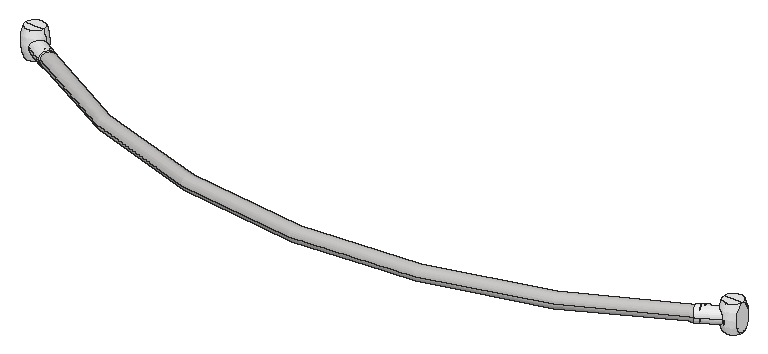
Revit family
Parameters (values of type "9530-60")
  Warranty Information = "Complete Unit, One Year"
  Version = "1.0"
  URL = "http://www.bradleycorp.com"
  Technical Data = "n/a"
  Swivel Bracket Material = "Metal - Bradley Corp - Zinc Chrome Plated"
  Percentage of Recycled Content = 0
  OmniClass Title = "Shower Rods"
  OmniClass Code = "23.31.17.31"
  Modeling Code = "n/a"
  Model = "9530"
  Material Note = "n/a"
  Material = "Stainless Steel"
  MasterFormat Title = "Toilet, Bath, and Laundry Accessories"
  MasterFormat Number = "10 28 13 19"
  Manufacturer = "Bradley Corporation"
  Low Emitting Material = no
  Length = 5' - 0"
  LEED Credit = "n/a"
  Industry Standards = "n/a"
  Height From Floor [instance] = 6' - 0"
  Fire Rating = "n/a"
  Description = "Shower Curtain Rod"
  Copyright = "This Model Is Property Of Bradley Corporation"
  Complies to NAFTA = "n/a"
  Buy American Act = "To Be Determined"
  Bright Polished Finish = no
  Assembly Code = "C1030200"
  ADA Compliant = "No"
  72" Bar Visibility = no
  60" Bar Visibility = yes
Types (4): name | Length | Bright Polished Finish | 72" Bar Visibility | 60" Bar Visibility
  9530-60 | 5' - 0" | no | no | yes
  9530-72 | 6' - 0" | no | yes | no
  9530-6078 | 5' - 0" | yes | no | yes
  9530-7278 | 6' - 0" | yes | yes | no
Reference planes (in)
  plane 1 "Center (Front/Back)": y = 0
  plane 2: z = 0
  plane 3 "Center (Left/Right)": x = 6
  plane 4 "Left Swivel Bracket": x = -24
  plane 5 "Right Swivel Bracket": x = 36
  plane 6 "Sweep For Tube": z = 72
  plane 7: through (-21.7531, -1.65327, 48) normal (-0.8353, 0.5498, 0)
  plane 8: through (33.7531, -1.65327, 48) normal (-0.8353, -0.5498, 0)
Forms (in)
  Sweep 1, solid, material "Metal - Bradley Corp - Stainless Steel Satin", visible <- "60" Bar Visibility"
    path origin (0, 0, 72) x (-1, 0, 0) y (0, -1, 0)
      loop
        arc (21.75319, 1.65342) -> (-6, 9.96715) -> (-33.75319, 1.65342) r 50.48018
    profile origin (6, -9.96715, 72) x (0, 1, 0) y (0, 0, 1)
      loop
        circle (0.58, 0) r 0.58
  Sweep 2, solid, material "Metal - Bradley Corp - Stainless Steel Satin", visible <- "72" Bar Visibility"
    path origin (-21.415, -180, 72) x (-1, 0, 0) y (0, -1, 0)
      loop
        arc (-0.29, -178.62822) -> (-27.415, -172.71714) -> (-54.54, -178.62822) r 65.19172
    profile origin (6, -7.28286, 72) x (0, 1, 0) y (0, 0, 1)
      loop
        circle (0, 0) r 0.57813
Dimensions and locks (in)
  "Length": plane 5 "Right Swivel Bracket" to plane 4 "Left Swivel Bracket"
  equal spacing: plane 5 "Right Swivel Bracket", plane 3 "Center (Left/Right)", plane 4 "Left Swivel Bracket"
  "Height From Floor": plane 6 "Sweep For Tube" to level
  radius of Sweep 1 sketch curve = 0' - 0.58"
  aligned and locked: plane 4 "Left Swivel Bracket" to nested 1
  aligned and locked: plane 1 "Center (Front/Back)" to nested 1
  aligned and locked: plane 5 "Right Swivel Bracket" to nested 2
  aligned and locked: nested 2 to plane 1 "Center (Front/Back)"
  aligned and locked: nested 1 to plane 6 "Sweep For Tube"
  aligned and locked: plane 6 "Sweep For Tube" to nested 2
Automatic sketch dimensions
  Sweep 1 sketch curve to plane 6 "Sweep For Tube" = 0' - 0"
  Sweep 1 sketch curve to profile plane = 0' - 0.58"
  Sweep 1 sketch curve to plane 8 = 0' - 0"
  Sweep 1 sketch curve to plane 3 "Center (Left/Right)" = 0' - 0"
  Sweep 1 sketch curve to plane 7 = 0' - 0"  (x2)
  plane 1 "Center (Front/Back)" to Sweep 1 sketch curve = 0' - 1.65342"
  Sweep 2 sketch curve to plane 3 "Center (Left/Right)" = 0' - 0"
  plane 1 "Center (Front/Back)" to Sweep 2 sketch curve = 0' - 1.37178"  (x2)
  Sweep 2 sketch curve to plane 5 "Right Swivel Bracket" = 0' - 2 7/8"
  Sweep 2 sketch curve to plane 1 "Center (Front/Back)" = 4' - 9.90887"
  plane 6 "Sweep For Tube" to Sweep 2 sketch curve = 0' - 0"
  profile plane to Sweep 2 sketch curve = 0' - 0"
  radius of Sweep 2 sketch curve = 0' - 0 37/64"
Nested families (in)
  nested 1: "Shower_Curtain_Rod_Bracket-Bradley_Corp-9530" at (-23.25, 0, 32.81058), type "Shower_Curtain_Rod_Bracket-Bradley_Corp-9530"
  nested 2: "Shower_Curtain_Rod_Bracket-Bradley_Corp-9530" at (35.25, 0, 32.81058) x (-1, 0, 0) z (0, 0, 1), type "Shower_Curtain_Rod_Bracket-Bradley_Corp-9530"
Definition of nested family "Shower_Curtain_Rod_Bracket-Bradley_Corp-9530"
  Parameters
    Swivel Bracket = Metal - Bradley Corp - Zinc Chrome Plated
  Reference planes (in)
    plane 1 "Center (Front/Back)": y = 0
    plane 2: z = 0
    plane 3 "Center (Left/Right)": x = 0
    plane 4: z = 40.37692
    plane 5: through (-87.625, -156.82334, 41.81855) normal (0.866, -0.5, 0)
    plane 6: x = 0.75
    plane 7 "Tube Center": through (2.125, -1.37178, 48) normal (-0.5, -0.866, 0)
  Forms (in)
    Revolve 1, solid, material "Metal - Bradley Corp - Zinc Chrome Plated" <- "Swivel Bracket"
      sketch origin (0, 0, 0) x (1, 0, 0) y (0, 0, 1)
        loop
          line (0, 40.37692) -> (0, 38.12692) -> (0.75, 38.12692)
          arc (0.75, 38.12692) -> (0.97739, 39.25192) -> (0.75, 40.37692) r 2.89659
          line (0.75, 40.37692) -> (0, 40.37692)
        axis (0, 40.37692) -> (0, 38.12692)
      angle from 0 to 360
    Extrusion 2, void
      sketch origin (0.75, -180, 40.37692) x (-1, 0, 0) y (0, -1, 0)
        loop
          line (1.75, -180.83948) -> (1.75, -179.16052) -> (1.5, -179.16052) -> (1.5, -180.83948) -> (1.75, -180.83948)
      from 0 to -2.25
    Extrusion 3, solid, material "Metal - Bradley Corp - Zinc Chrome Plated" <- "Swivel Bracket"
      sketch origin (-87.875, -157.25635, 41.81855) x (0, 0, 1) y (-0.5, -0.866025, 0)
        loop
          circle (-2.62913, -180) r 0.625
        loop
          circle (-2.62913, -180) r 0.58
      from 0 to -2
  Cuts and joins
    Extrusion 2 cuts Revolve 1
  Lines and regions (in)
    reference lines
      curve 1: line (1.8125, -1.91305, 39.18942) -> (3.01363, 0.16737, 39.18942)
      curve 2: line (2.125, -1.37178, 39.81442) -> (2.125, -1.37178, 37.44786)
  Dimensions and locks (in)
    locked: Revolve 1 sketch curve to Revolve 1 sketch curve at 0.75  (x2)
    locked: Extrusion 2 sketch curve to Extrusion 2 sketch curve at 1.67897
    locked: Extrusion 2 sketch curve to Extrusion 2 sketch curve at 0.25
    Extrusion 2 sketch curve to plane 3 "Center (Left/Right)" = 0' - 1"
    equal spacing: Extrusion 2 sketch curve, plane 1 "Center (Front/Back)", Extrusion 2 sketch curve, locked at 0.83948 each
    locked: Extrusion 3 sketch curve to plane 4 at 1.1875  (x2)
    locked: plane 6 to plane 3 "Center (Left/Right)" at 0.75
    radius of Extrusion 3 sketch curve = 0' - 0.58"
    radius of Extrusion 3 sketch curve = 0' - 0 5/8"
    aligned and locked: Revolve 1 sketch curve to plane 3 "Center (Left/Right)"
    aligned and locked: Extrusion 2 to Revolve 1
